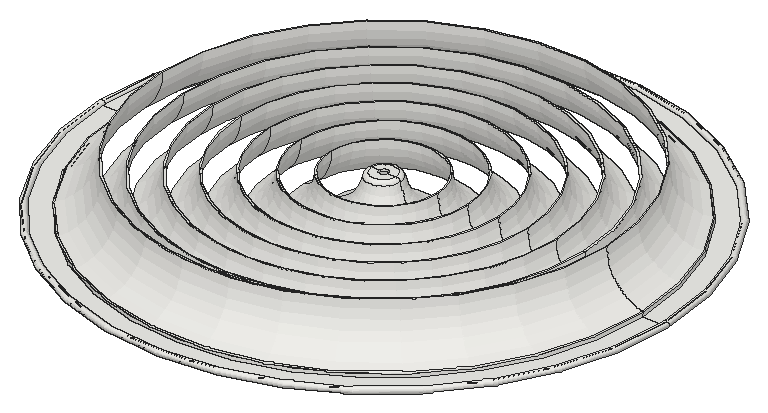
Revit family "MADEL_DIFFUSER_FIXED CONES_DCN_00", category Air Terminals, Revit 2015
Parameters (values of type "DCN-400")
  n_factor [instance] = 21.183
  m_factor = 2.2493  # constant formula
  c_factor [instance] = 10.261
  b_factor = -5.9678
  Standard = "UNE 23-727 M2/ NFP 92-501 M2/ DIN 4102 M2"  # constant formula
  Revit Version = "Revit 2015 - English"  # constant formula
  Review Date = "11/2016"  # constant formula
  R9010 [instance] = no
  R3E [instance] = yes
  Q [instance] = 844.2 m³/h
  Product Type [instance] = Model  # "DCN-400"
  Product Size = "dim.400"
  Product Reference [instance] = if(R3E, if(Nº Options = 1, "DCN+R3E", if(PFLEX, if(Nº Options = 2, "DCN+R3E+PFLEX", "Consult Manufacturer"), "Consult Manufacturer")), if(Nº Options = 1, if(PFLEX, "DCN+PFLEX", "Consult Manufacturer"), if(Nº Options = 0, "DCN", "Consult Manufacturer")))  # "DCN+R3E"
  PFLEX [instance] = no
  Nº Options [instance] = if(R3E, 1, 0) + if(PFLEX, 1, 0)  # 1
  Vmin = 2.5 m/s  # constant formula
  Vmed = (Vmax + Vmin) / 2  # 3.35 m/s
  Vmax = 4.2 m/s
  V[m/s] [instance] = Q / Afree / 1.0 m/s  # 3.35
  URL = "http://www.madel.com/en/producto/dcn-fixed-cones-diffusers/"
  RAL [instance] = ""
  Nº Finishes [instance] = if(M9016, 1, 0) + if(R9010, 1, 0) + if(AA, 1, 0)  # 1
  Model = "DCN-400"
  Material and finishes [instance] = if(and(M9016, Nº Finishes = 1), "M9016", if(and(R9010, Nº Finishes = 1), "R9010", if(and(AA, Nº Finishes = 1), "AA", if(Nº Finishes = 0, "Custom RAL", "Consult Manufacturer"))))  # "M9016"
  Material Difusser = MADEL_M9016
  M9016 [instance] = yes
  Type Image = <None>
  Lw (dB(A)) [instance] = n_factor * (log([V[m/s]]) / log(2.7183)) + c_factor  # 35.8704
  IfcExportType = "IfcAirTerminalType"  # constant formula
  IfcExportAs = "IfcAirTerminalType"  # constant formula
  Min Flow = Vmin * Afree  # 630 m³/h
  Max Flow = Vmax * Afree  # 1058.4 m³/h
  Manufacturer = "MADEL"  # constant formula
  Family Version = "1.0"  # constant formula
  Difusser = MADEL_DIFUSOR_CIRCULAR_DCN-CONOS : DCN-400
  Description = "MADEL_Fixed cones diffusers"  # constant formula
  D_Connector = 400.0 mm
  DPt [instance] = (10 ^ (log(Q / 1 m³/h) * m_factor + b_factor)) * 1.0 Pa  # 4.11692 Pa
  D2 = D1 - 2.0 mm  # 388.9 mm
  D1 = 390.9 mm
  Type Comments = "The DCN series diffusers are designed to be used in air-conditioning, ventilation and heating. They can be mounted in false ceilings or suspended from the ceiling. Its circular shape assures a uniform air pattern in all directions, which provides a high level of induction rate of the air in the atmosphere. They can be used in premises up to 4 meters high and with a temperature differential up to 12º, obtaining good results, not only in air speed but also in sound pressure level in the comfort zone."  # constant formula
  Created by = "BIMETRICAL"  # constant formula
  BIMETRICAL Category = "AirTerminal"  # constant formula
  BIMETRICAL = "http://www.bimetrical.com"  # constant formula
  Afree = 0.0700 m²
  AA [instance] = no
Types (6, lengths in mm): name | n_factor | c_factor | b_factor | Q | Product Type | Product Size | Vmed | Vmax | V[m/s] | Model | Lw (dB(A)) | Min Flow | Max Flow | Difusser | D_Connector | DPt | D2 | D1 | Afree
  DCN-160 | 23.863 | 0.4892 | -4.1956 | 221.76 m³/h | "DCN-160" | "dim.160" | 3.85 m/s | 5.2 m/s | 3.85 | "DCN-160" | 32.6583 | 144 m³/h | 299.52 m³/h | MADEL_DIFUSOR_CIRCULAR_DCN-CONOS : DCN-160 | 160.0 | 12.0469 Pa | 150.3 | 152.3 | 0.0160 m²
  DCN-200 | 21.253 | 2.729 | -4.6467 | 302.4 m³/h | "DCN-200" | "dim.200" | 4.2 m/s | 5.9 m/s | 4.2 | "DCN-200" | 33.2288 | 180 m³/h | 424.8 m³/h | MADEL_DIFUSOR_CIRCULAR_DCN-CONOS : DCN-200 | 200.0 | 8.56541 Pa | 193.3 | 195.3 | 0.0200 m²
  DCN-250 | 23.814 | 1.9153 | -4.9915 | 445.5 m³/h | "DCN-250" | "dim.250" | 3.75 m/s | 5.0 m/s | 3.75 | "DCN-250" | 33.3916 | 297 m³/h | 594 m³/h | MADEL_DIFUSOR_CIRCULAR_DCN-CONOS : DCN-250 | 250.0 | 9.25643 Pa | 242.3 | 244.3 | 0.0330 m²
  DCN-315 | 22.557 | 4.2741 | -5.3438 | 621 m³/h | "DCN-315" | "dim.315" | 3.75 m/s | 5.0 m/s | 3.75 | "DCN-315" | 34.0889 | 414 m³/h | 828 m³/h | MADEL_DIFUSOR_CIRCULAR_DCN-CONOS : DCN-315 | 315.0 | 8.6808 Pa | 304.0 | 306.0 | 0.0460 m²
  DCN-355 | 19.887 | 9.3703 | -5.6448 | 722.7 m³/h | "DCN-355" | "dim.355" | 3.65 m/s | 4.8 m/s | 3.65 | "DCN-355" | 35.1185 | 495 m³/h | 950.4 m³/h | MADEL_DIFUSOR_CIRCULAR_DCN-CONOS : DCN-355 | 355.0 | 6.10535 Pa | 343.9 | 345.9 | 0.0550 m²
  DCN-400 | 21.183 | 10.261 | -5.9678 | 844.2 m³/h | "DCN-400" | "dim.400" | 3.35 m/s | 4.2 m/s | 3.35 | "DCN-400" | 35.8704 | 630 m³/h | 1058.4 m³/h | MADEL_DIFUSOR_CIRCULAR_DCN-CONOS : DCN-400 | 400.0 | 4.11692 Pa | 388.9 | 390.9 | 0.0700 m²
Reference planes
  plane 1 "Centro (Frontal/Posterior)": z = -5
  plane 2: y = 435
  plane 3 "Centro (Izquierda/Derecha)": x = 0
Forms (mm)
  Extrusion 1, solid, material "MADEL_M9016" <- "Material Difusser", visible <- "PFLEX"
    sketch origin (0, 0, 0) x (1, 0, 0) y (0, 1, 0)
      loop
        circle (0, 435) r 195.45
      loop
        circle (0, 435) r 194.45
    from 40.006 to 90
Dimensions and locks
  "D2": diameter of Extrusion 1 sketch curve
  "D1": diameter of Extrusion 1 sketch curve
  aligned and locked: plane 2 to nested 1
  aligned and locked: plane 3 "Centro (Izquierda/Derecha)" to nested 1
  aligned and locked: plane 1 "Centro (Frontal/Posterior)" to nested 1
  aligned and locked: plane 2 to Extrusion 1 sketch curve  (x2)
  aligned and locked: plane 3 "Centro (Izquierda/Derecha)" to Extrusion 1 sketch curve  (x2)
  aligned and locked: Extrusion 1 to nested 1
Nested families
  nested 1: "MADEL_DIFUSOR_CIRCULAR_DCN-CONOS" at (0, 435, -5), type <- "Difusser", type "DCN-400"
Connectors
  hvac at (0, 435, 40.006), driven by "D_Connector", driven by "DPt", driven by "Q"
    settings: on nested 1, index 1, duct flow 844.2 m³/h, flow factor 0, pres drop 4.11692 Pa, loss coef 0, conn angle 0.00°, conn width 304.8 mm, conn height 304.8 mm, conn diameter 400 mm, duct sys type 1, conn prof type 0, flow config 1, flow direction 1, loss method 4, conn ref index -1, conn util no, is conn primary yes, conn desc ""
Definition of nested family "MADEL_DIFUSOR_CIRCULAR_DCN-CONOS"
  Parameters (values of type "DCN-400")
    V400 = yes
    V355 = yes
    V315 = yes
    V250 = yes
    V200 = yes
    V160 = yes
    Material Difusor = none
    Cono Interior = DCN_INT : DCN_INT
    Cono Exterior = DCN_EXT_400 : DCN_EXT_400
  Types (7, lengths in mm): name | V400 | V355 | V315 | V250 | V200 | Cono Exterior
    (no name) | yes | yes | yes | yes | yes | DCN_EXT_400 : DCN_EXT_400
    DCN-160 | no | no | no | no | no | DCN_EXT_160 : DCN_EXT_160
    DCN-200 | no | no | no | no | yes | DCN_EXT_200 : DCN_EXT_200
    DCN-250 | no | no | no | yes | yes | DCN_EXT_250 : DCN_EXT_250
    DCN-315 | no | no | yes | yes | yes | DCN_EXT_315 : DCN_EXT_315
    DCN-355 | no | yes | yes | yes | yes | DCN_EXT_355 : DCN_EXT_355
    DCN-400 | yes | yes | yes | yes | yes | DCN_EXT_400 : DCN_EXT_400
  Reference planes
    plane 1 "Centro (Frontal/Posterior)": y = 0
    plane 2: z = 0
    plane 3 "Centro (Izquierda/Derecha)": x = 0
  Dimensions and locks
    aligned and locked: level to plane 2
  Nested families
    nested 1: "DCN_EXT_400" at (0, 0, 0), type <- "Cono Exterior", type "DCN_EXT_400"
    nested 2: "DCN_INT" at (0, 0, 0), type "DCN_INT"
    nested 3: "DCN_MED_160" at (0, 0, 0), visible <- "V160", type "DCN_MED_160"
    nested 4: "DCN_MED_200" at (0, 0, 0), visible <- "V200", type "DCN_MED_200"
    nested 5: "DCN_MED_250" at (0, 0, 0), visible <- "V250", type "DCN_MED_250"
    nested 6: "DCN_MED_315" at (0, 0, 0), visible <- "V315", type "DCN_MED_315"
    nested 7: "DCN_MED_355" at (0, 0, 0), visible <- "V355", type "DCN_MED_355"
    nested 8: "DCN_MED_400" at (0, 0, 0), visible <- "V400", type "DCN_MED_400"
  Definition of nested family "DCN_EXT_400"
    Parameters (values of type "DCN_EXT_400")
      Ø int = Ø ext - 50.0 mm  # 449.6 mm
      Ø ext = 499.6 mm
      Material Difusor = none
    Reference planes
      plane 1 "Centro (Frontal/Posterior)": y = 0
      plane 2: z = 0
      plane 3 "Centro (Izquierda/Derecha)": x = 0
    Forms (mm)
      Revolve 1, solid, material <- "Material Difusor", detail levels medium+fine
        sketch origin (0, 0, 0) x (1, 0, 0) y (0, 0, 1)
          loop
            arc (-226.157, 5.05) -> (-226.693, 4.693) -> (-226.9, 4.083) r 1
            line (-226.9, 4.083) -> (-226.9, 1.2) -> (-247.3, 1.2)
            arc (-247.3, 1.2) -> (-248.198, 3.44) -> (-246.001, 2.441) r 1.3
            line (-246.001, 2.441) -> (-244.803, 2.386)
            arc (-244.803, 2.386) -> (-249.027, 4.308) -> (-247.3, 0) r 2.5
            line (-247.3, 0) -> (-226.8, 0)
            arc (-226.8, 0) -> (-226.093, 0.293) -> (-225.8, 1) r 1
            line (-225.8, 1) -> (-225.8, 4.006)
            arc (-225.8, 4.006) -> (-203.104, 19.164) -> (-194.33, 45.006) r 42.443
            line (-194.33, 45.006) -> (-195.43, 45.006)
            arc (-195.43, 45.006) -> (-204, 19.804) -> (-226.157, 5.05) r 41.343
          axis (0, 45.006) -> (0, 0)
        angle from 0 to 360
      Revolve 2, solid, material <- "Material Difusor", detail levels coarse
        sketch origin (0, 0, 0) x (1, 0, 0) y (0, 0, 1)
          loop
            line (0, 45.006) -> (-195.43, 45.006)
            arc (-195.43, 45.006) -> (-204, 19.804) -> (-226.157, 5.05) r 41.343
            arc (-226.157, 5.05) -> (-226.693, 4.693) -> (-226.9, 4.083) r 1
            line (-226.9, 4.083) -> (-226.9, 1.2) -> (-247.3, 1.2)
            arc (-247.3, 1.2) -> (-248.198, 3.44) -> (-246.001, 2.441) r 1.3
            line (-246.001, 2.441) -> (-244.803, 2.386)
            arc (-244.803, 2.386) -> (-249.027, 4.308) -> (-247.3, 0) r 2.5
            line (-247.3, 0) -> (0, 0) -> (0, 45.006)
          axis (0, 45.006) -> (0, 0)
        angle from 0 to 360
    Lines and regions (mm)
      symbolic lines
        curve 1: circle (0, 0, 0) r 249.8 normal (0, 0, 1)
        curve 2: circle (0, 0, 0) r 224.8 normal (0, 0, 1)
    Dimensions and locks
      "Ø ext": diameter of curve 1
      "Ø int": diameter of curve 2
      aligned and locked: level to plane 2
    Automatic sketch dimensions
      Revolve 2 sketch curve to Revolve 2 sketch curve = 0.0 mm  (x2)
      Revolve 2 sketch curve to plane 3 "Centro (Izquierda/Derecha)" = 0.0 mm  (x2)
      Revolve 2 sketch curve to level = 0.0 mm
      Revolve 2 sketch curve to Revolve 2 sketch curve = 1.0 mm
      level to Revolve 2 sketch curve = 2.386 mm
      Revolve 2 sketch curve to Revolve 2 sketch curve = 17.903 mm
      level to Revolve 2 sketch curve = 2.441 mm
      Revolve 2 sketch curve to Revolve 2 sketch curve = 1.199 mm
      Revolve 2 sketch curve to Revolve 2 sketch curve = 1.299 mm
      level to Revolve 2 sketch curve = 45.006 mm
      Revolve 2 sketch curve to level = 366.045 mm
      Revolve 2 sketch curve to Revolve 2 sketch curve = 2169.309 mm
      Revolve 2 sketch curve to Revolve 2 sketch curve = 195.43 mm
      Revolve 2 sketch curve to Revolve 2 sketch curve = 41.343 mm
      Revolve 2 sketch curve to Revolve 2 sketch curve = 8.03 mm
      Revolve 2 sketch curve to Revolve 2 sketch curve = 2.883 mm
      Revolve 1 sketch curve to Revolve 1 sketch curve = 0.0 mm  (x3)
      Revolve 1 sketch curve to level = 0.0 mm
      Revolve 1 sketch curve to plane 3 "Centro (Izquierda/Derecha)" = 0.0 mm
      level to Revolve 1 sketch curve = 45.006 mm
      Revolve 1 sketch curve to plane 3 "Centro (Izquierda/Derecha)" = 194.33 mm
      Revolve 1 sketch curve to Revolve 1 sketch curve = 1.1 mm
      level to Revolve 1 sketch curve = 1.0 mm
      Revolve 1 sketch curve to Revolve 1 sketch curve = 30.37 mm
      Revolve 1 sketch curve to Revolve 1 sketch curve = 0.1 mm  (x2)
      Revolve 1 sketch curve to Revolve 1 sketch curve = 41.343 mm
      level to Revolve 1 sketch curve = 2.386 mm
      Revolve 1 sketch curve to Revolve 1 sketch curve = 17.903 mm
      level to Revolve 1 sketch curve = 2.441 mm
      Revolve 1 sketch curve to Revolve 1 sketch curve = 1.199 mm
      Revolve 1 sketch curve to Revolve 1 sketch curve = 1.299 mm
      Revolve 1 sketch curve to Revolve 1 sketch curve = 0.077 mm
      Revolve 1 sketch curve to level = 366.045 mm
      Revolve 1 sketch curve to Revolve 1 sketch curve = 2169.309 mm
      curve 1 to curve 2 = 0.0 mm  (x2)
      plane 1 "Centro (Frontal/Posterior)" to curve 2 = 0.0 mm
      curve 2 to plane 3 "Centro (Izquierda/Derecha)" = 0.0 mm
  Definition of nested family "DCN_INT"
    Parameters (values of type "DCN_INT")
      Ø ext = 87.5 mm
      Material Difusor = none
    Reference planes
      plane 1 "Centro (Frontal/Posterior)": y = 0
      plane 2: z = 0
      plane 3 "Centro (Izquierda/Derecha)": x = 0
    Forms (mm)
      Revolve 1, solid, material <- "Material Difusor", detail levels medium+fine
        sketch origin (0, 0, 0) x (1, 0, 0) y (0, 0, 1)
          loop
            arc (-41.858, 0) -> (-23.06, 11.988) -> (-13.315, 32.04) r 41
            arc (-13.315, 32.04) -> (-12.458, 33.517) -> (-10.854, 34.1) r 2.5
            line (-10.854, 34.1) -> (-3.95, 34.1) -> (-3.95, 35.2) -> (-10.854, 35.2)
            arc (-10.854, 35.2) -> (-13.164, 34.361) -> (-14.398, 32.234) r 3.6
            arc (-14.398, 32.234) -> (-24.04, 12.543) -> (-42.631, 0.919) r 39.9
            line (-42.631, 0.919) -> (-41.858, 0)
          axis (0, 35.2) -> (0, 0)
        angle from 0 to 360
    Lines and regions (mm)
      symbolic lines
        curve 1: circle (0, 0, 0) r 43.75 normal (0, 0, 1)
    Dimensions and locks
      "Ø ext": diameter of curve 1
      aligned and locked: level to plane 2
    Automatic sketch dimensions
      Revolve 1 sketch curve to plane 3 "Centro (Izquierda/Derecha)" = 0.0 mm
      Revolve 1 sketch curve to level = 366.045 mm
      level to Revolve 1 sketch curve = 2214.315 mm
      Revolve 1 sketch curve to Revolve 1 sketch curve = 0.0 mm  (x4)
      level to Revolve 1 sketch curve = 0.919 mm
      Revolve 1 sketch curve to Revolve 1 sketch curve = 11.043 mm
      level to Revolve 1 sketch curve = 0.0 mm
      Revolve 1 sketch curve to Revolve 1 sketch curve = 0.772 mm
      Revolve 1 sketch curve to Revolve 1 sketch curve = 42.82 mm
      Revolve 1 sketch curve to Revolve 1 sketch curve = 6.904 mm
      Revolve 1 sketch curve to Revolve 1 sketch curve = 30.681 mm
      Revolve 1 sketch curve to Revolve 1 sketch curve = 2.5 mm
      Revolve 1 sketch curve to Revolve 1 sketch curve = 1.1 mm
      Revolve 1 sketch curve to Revolve 1 sketch curve = 38.341 mm
      Revolve 1 sketch curve to plane 3 "Centro (Izquierda/Derecha)" = 53.674 mm
      plane 1 "Centro (Frontal/Posterior)" to curve 1 = 0.0 mm
      curve 1 to plane 3 "Centro (Izquierda/Derecha)" = 0.0 mm
  Definition of nested family "DCN_MED_160"
    Parameters (values of type "DCN_MED_160")
      Ø ext = 141.0 mm
      Material Difusor = none
    Reference planes
      plane 1 "Centro (Frontal/Posterior)": y = 0
      plane 2: z = 0
      plane 3 "Centro (Izquierda/Derecha)": x = 0
    Forms (mm)
      Revolve 1, solid, material <- "Material Difusor", detail levels medium+fine
        sketch origin (0, 0, 0) x (1, 0, 0) y (0, 0, 1)
          loop
            line (-70.5, 1.027) -> (-70.106, 0)
            arc (-70.106, 0) -> (-52.728, 13.682) -> (-46.154, 34.8) r 37.3
            line (-46.154, 34.8) -> (-47.254, 34.801)
            arc (-47.254, 34.801) -> (-53.635, 14.306) -> (-70.5, 1.027) r 36.2
          axis (0, 34.801) -> (0, 0)
        angle from 0 to 360
    Lines and regions (mm)
      symbolic lines
        curve 1: circle (0, 0, 0) r 70.5 normal (0, 0, 1)
    Dimensions and locks
      "Ø ext": diameter of curve 1
      aligned and locked: level to plane 2
    Automatic sketch dimensions
      Revolve 1 sketch curve to Revolve 1 sketch curve = 0.0 mm  (x2)
      Revolve 1 sketch curve to level = 0.0 mm
      Revolve 1 sketch curve to plane 3 "Centro (Izquierda/Derecha)" = 0.0 mm
      Revolve 1 sketch curve to plane 3 "Centro (Izquierda/Derecha)" = 46.154 mm
      Revolve 1 sketch curve to Revolve 1 sketch curve = 1.1 mm
      Revolve 1 sketch curve to Revolve 1 sketch curve = 22.853 mm
      level to Revolve 1 sketch curve = 1.027 mm
      Revolve 1 sketch curve to Revolve 1 sketch curve = 0.394 mm
      level to Revolve 1 sketch curve = 34.83 mm
      Revolve 1 sketch curve to Revolve 1 sketch curve = 12.954 mm
      Revolve 1 sketch curve to level = 366.045 mm
      Revolve 1 sketch curve to Revolve 1 sketch curve = 2179.515 mm
      plane 1 "Centro (Frontal/Posterior)" to curve 1 = 0.0 mm
      curve 1 to plane 3 "Centro (Izquierda/Derecha)" = 0.0 mm
  Definition of nested family "DCN_MED_200"
    Parameters (values of type "DCN_MED_200")
      Ø ext = 194.0 mm
      Material Difusor = none
    Reference planes
      plane 1 "Centro (Frontal/Posterior)": y = 0
      plane 2: z = 0
      plane 3 "Centro (Izquierda/Derecha)": x = 0
    Forms (mm)
      Revolve 1, solid, material <- "Material Difusor", detail levels medium+fine
        sketch origin (0, 0, 0) x (1, 0, 0) y (0, 0, 1)
          loop
            line (-97, 1.027) -> (-96.606, 0)
            arc (-96.606, 0) -> (-79.228, 13.682) -> (-72.654, 34.8) r 37.3
            line (-72.654, 34.8) -> (-73.754, 34.801)
            arc (-73.754, 34.801) -> (-80.135, 14.306) -> (-97, 1.027) r 36.2
          axis (0, 34.801) -> (0, 0)
        angle from 0 to 360
    Lines and regions (mm)
      symbolic lines
        curve 1: circle (0, 0, 0) r 97 normal (0, 0, 1)
    Dimensions and locks
      "Ø ext": diameter of curve 1
      aligned and locked: level to plane 2
    Automatic sketch dimensions
      Revolve 1 sketch curve to Revolve 1 sketch curve = 0.0 mm  (x2)
      Revolve 1 sketch curve to level = 0.0 mm
      Revolve 1 sketch curve to plane 3 "Centro (Izquierda/Derecha)" = 0.0 mm
      Revolve 1 sketch curve to plane 3 "Centro (Izquierda/Derecha)" = 72.654 mm
      Revolve 1 sketch curve to Revolve 1 sketch curve = 1.1 mm
      Revolve 1 sketch curve to Revolve 1 sketch curve = 22.853 mm
      level to Revolve 1 sketch curve = 1.027 mm
      Revolve 1 sketch curve to Revolve 1 sketch curve = 0.394 mm
      level to Revolve 1 sketch curve = 34.83 mm
      Revolve 1 sketch curve to Revolve 1 sketch curve = 12.954 mm
      Revolve 1 sketch curve to level = 366.045 mm
      Revolve 1 sketch curve to Revolve 1 sketch curve = 2179.515 mm
      plane 1 "Centro (Frontal/Posterior)" to curve 1 = 0.0 mm
      curve 1 to plane 3 "Centro (Izquierda/Derecha)" = 0.0 mm
  Definition of nested family "DCN_MED_250"
    Parameters (values of type "DCN_MED_250")
      Ø ext = 248.0 mm
      Material Difusor = none
    Reference planes
      plane 1 "Centro (Frontal/Posterior)": y = 0
      plane 2: z = 0
      plane 3 "Centro (Izquierda/Derecha)": x = 0
    Forms (mm)
      Revolve 1, solid, material <- "Material Difusor", detail levels medium+fine
        sketch origin (0, 0, 0) x (1, 0, 0) y (0, 0, 1)
          loop
            line (-124, 1.027) -> (-123.606, 0)
            arc (-123.606, 0) -> (-106.228, 13.682) -> (-99.654, 34.8) r 37.3
            line (-99.654, 34.8) -> (-100.754, 34.801)
            arc (-100.754, 34.801) -> (-107.135, 14.306) -> (-124, 1.027) r 36.2
          axis (0, 34.801) -> (0, 0)
        angle from 0 to 360
    Lines and regions (mm)
      symbolic lines
        curve 1: circle (0, 0, 0) r 124 normal (0, 0, 1)
    Dimensions and locks
      "Ø ext": diameter of curve 1
      aligned and locked: level to plane 2
    Automatic sketch dimensions
      Revolve 1 sketch curve to Revolve 1 sketch curve = 0.0 mm  (x2)
      Revolve 1 sketch curve to level = 0.0 mm
      Revolve 1 sketch curve to plane 3 "Centro (Izquierda/Derecha)" = 0.0 mm
      level to Revolve 1 sketch curve = 34.8 mm
      Revolve 1 sketch curve to plane 3 "Centro (Izquierda/Derecha)" = 99.654 mm
      Revolve 1 sketch curve to Revolve 1 sketch curve = 1.1 mm
      Revolve 1 sketch curve to Revolve 1 sketch curve = 22.853 mm
      level to Revolve 1 sketch curve = 1.027 mm
      level to Revolve 1 sketch curve = 34.83 mm
      Revolve 1 sketch curve to level = 366.045 mm
      Revolve 1 sketch curve to Revolve 1 sketch curve = 0.394 mm
      Revolve 1 sketch curve to Revolve 1 sketch curve = 2179.515 mm
      plane 1 "Centro (Frontal/Posterior)" to curve 1 = 0.0 mm
      curve 1 to plane 3 "Centro (Izquierda/Derecha)" = 0.0 mm
  Definition of nested family "DCN_MED_315"
    Parameters (values of type "DCN_MED_315")
      Ø ext = 299.0 mm
      Material Difusor = none
    Reference planes
      plane 1 "Centro (Frontal/Posterior)": y = 0
      plane 2: z = 0
      plane 3 "Centro (Izquierda/Derecha)": x = 0
    Forms (mm)
      Revolve 1, solid, material <- "Material Difusor", detail levels medium+fine
        sketch origin (0, 0, 0) x (1, 0, 0) y (0, 0, 1)
          loop
            line (-149.5, 1.027) -> (-149.106, 0)
            arc (-149.106, 0) -> (-131.728, 13.682) -> (-125.154, 34.8) r 37.3
            line (-125.154, 34.8) -> (-126.254, 34.801)
            arc (-126.254, 34.801) -> (-132.635, 14.306) -> (-149.5, 1.027) r 36.2
          axis (0, 34.801) -> (0, 0)
        angle from 0 to 360
    Lines and regions (mm)
      symbolic lines
        curve 1: circle (0, 0, 0) r 149.5 normal (0, 0, 1)
    Dimensions and locks
      "Ø ext": diameter of curve 1
      aligned and locked: level to plane 2
    Automatic sketch dimensions
      Revolve 1 sketch curve to Revolve 1 sketch curve = 0.0 mm  (x2)
      Revolve 1 sketch curve to level = 0.0 mm
      Revolve 1 sketch curve to plane 3 "Centro (Izquierda/Derecha)" = 0.0 mm
      level to Revolve 1 sketch curve = 34.8 mm
      Revolve 1 sketch curve to plane 3 "Centro (Izquierda/Derecha)" = 125.154 mm
      Revolve 1 sketch curve to Revolve 1 sketch curve = 1.1 mm
      Revolve 1 sketch curve to Revolve 1 sketch curve = 22.853 mm
      level to Revolve 1 sketch curve = 1.027 mm
      level to Revolve 1 sketch curve = 34.83 mm
      Revolve 1 sketch curve to Revolve 1 sketch curve = 0.394 mm
      Revolve 1 sketch curve to level = 366.045 mm
      Revolve 1 sketch curve to Revolve 1 sketch curve = 2179.515 mm
      plane 1 "Centro (Frontal/Posterior)" to curve 1 = 0.0 mm
      curve 1 to plane 3 "Centro (Izquierda/Derecha)" = 0.0 mm
  Definition of nested family "DCN_MED_355"
    Parameters (values of type "DCN_MED_355")
      Ø ext = 349.0 mm
      Material Difusor = none
    Reference planes
      plane 1 "Centro (Frontal/Posterior)": y = 0
      plane 2: z = 0
      plane 3 "Centro (Izquierda/Derecha)": x = 0
    Forms (mm)
      Revolve 1, solid, material <- "Material Difusor", detail levels medium+fine
        sketch origin (0, 0, 0) x (1, 0, 0) y (0, 0, 1)
          loop
            line (-174.5, 1.027) -> (-174.106, 0)
            arc (-174.106, 0) -> (-156.728, 13.682) -> (-150.154, 34.8) r 37.3
            line (-150.154, 34.8) -> (-151.254, 34.801)
            arc (-151.254, 34.801) -> (-157.635, 14.306) -> (-174.5, 1.027) r 36.2
          axis (0, 34.801) -> (0, 0)
        angle from 0 to 360
    Lines and regions (mm)
      symbolic lines
        curve 1: circle (0, 0, 0) r 174.5 normal (0, 0, 1)
    Dimensions and locks
      "Ø ext": diameter of curve 1
      aligned and locked: level to plane 2
    Automatic sketch dimensions
      Revolve 1 sketch curve to Revolve 1 sketch curve = 0.0 mm  (x4)
      Revolve 1 sketch curve to level = 0.0 mm
      Revolve 1 sketch curve to plane 3 "Centro (Izquierda/Derecha)" = 0.0 mm
      level to Revolve 1 sketch curve = 34.8 mm
      Revolve 1 sketch curve to plane 3 "Centro (Izquierda/Derecha)" = 150.154 mm
      Revolve 1 sketch curve to Revolve 1 sketch curve = 1.1 mm
      Revolve 1 sketch curve to Revolve 1 sketch curve = 22.853 mm
      level to Revolve 1 sketch curve = 1.027 mm
      Revolve 1 sketch curve to level = 366.045 mm
      Revolve 1 sketch curve to Revolve 1 sketch curve = 0.394 mm
      level to Revolve 1 sketch curve = 34.83 mm
      Revolve 1 sketch curve to Revolve 1 sketch curve = 2179.515 mm
      plane 1 "Centro (Frontal/Posterior)" to curve 1 = 0.0 mm
      curve 1 to plane 3 "Centro (Izquierda/Derecha)" = 0.0 mm
  Definition of nested family "DCN_MED_400"
    Parameters (values of type "DCN_MED_400")
      Ø ext = 400.0 mm
      Material Difusor = none
    Reference planes
      plane 1 "Centro (Frontal/Posterior)": y = 0
      plane 2: z = 0
      plane 3 "Centro (Izquierda/Derecha)": x = 0
    Forms (mm)
      Revolve 1, solid, material <- "Material Difusor", detail levels medium+fine
        sketch origin (0, 0, 0) x (1, 0, 0) y (0, 0, 1)
          loop
            line (-200, 1.027) -> (-199.606, 0)
            arc (-199.606, 0) -> (-182.228, 13.682) -> (-175.654, 34.8) r 37.3
            line (-175.654, 34.8) -> (-176.754, 34.801)
            arc (-176.754, 34.801) -> (-183.135, 14.306) -> (-200, 1.027) r 36.2
          axis (0, 34.801) -> (0, 0)
        angle from 0 to 360
    Lines and regions (mm)
      symbolic lines
        curve 1: circle (0, 0, 0) r 200 normal (0, 0, 1)
    Dimensions and locks
      "Ø ext": diameter of curve 1
      aligned and locked: level to plane 2
    Automatic sketch dimensions
      Revolve 1 sketch curve to Revolve 1 sketch curve = 0.0 mm  (x2)
      Revolve 1 sketch curve to level = 0.0 mm
      Revolve 1 sketch curve to plane 3 "Centro (Izquierda/Derecha)" = 0.0 mm
      level to Revolve 1 sketch curve = 34.8 mm
      Revolve 1 sketch curve to plane 3 "Centro (Izquierda/Derecha)" = 175.654 mm
      Revolve 1 sketch curve to Revolve 1 sketch curve = 1.1 mm
      Revolve 1 sketch curve to Revolve 1 sketch curve = 22.853 mm
      level to Revolve 1 sketch curve = 1.027 mm
      level to Revolve 1 sketch curve = 34.83 mm
      Revolve 1 sketch curve to Revolve 1 sketch curve = 0.394 mm
      Revolve 1 sketch curve to level = 366.045 mm
      Revolve 1 sketch curve to Revolve 1 sketch curve = 2179.515 mm
      plane 1 "Centro (Frontal/Posterior)" to curve 1 = 0.0 mm
      curve 1 to plane 3 "Centro (Izquierda/Derecha)" = 0.0 mm
